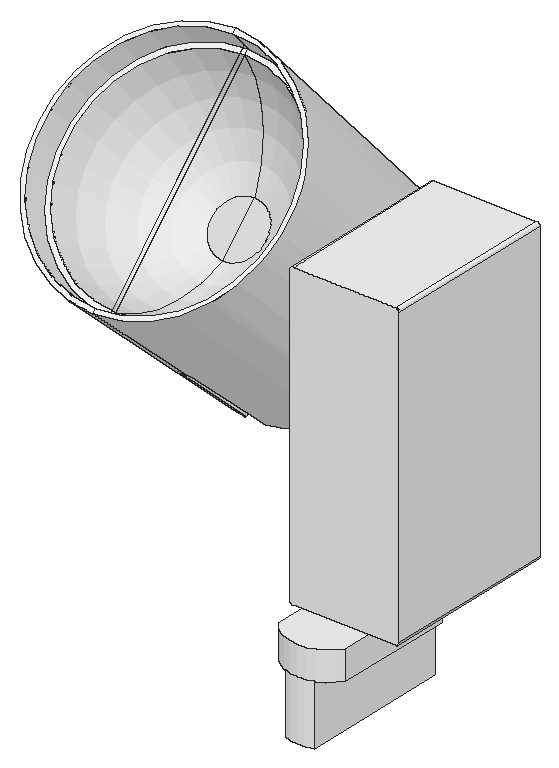
Revit family "0004879 Feilo Sylvania Lighting Fixture START TRACK SPOT L 35W 4K RA90 WB WHITE", category Lighting Fixtures, host Face, Revit 2017 (continued)
Definition of nested family "Start Track Spot Head"
  Types (96, lengths in mm): name | Wattage | built-in parameter 1150134 | Photometric Web File | Model | built-in parameter 1150105 | Lumens | built-in parameter 1150107 | built-in parameter 1150106 | HeadThickness_FEILO | HeadRibOffset_FEILO | HeadRibDepth_FEILO | HeadRibCutWidth_FEILO | HeadRibCutOffset_FEILO | HeadReflectorRadius_FEILO | HeadReflectorOffset_FEILO | HeadLEDRadius_FEILO | HeadHeight_FEILO | HeadDiffusorOffset_FEILO | HeadDiaOut_FEILO | HeadDiaIn_FEILO | HeadAxisFromTop_FEILO | Emit from Circle Diameter | built-in parameter 1150104 | Description | Apparent Load
    0004864 START TRACK SPOT S 24W 3K RA90 WB WHITE | 24 W | (empty or 0) | "0004864.ies" | "START TRACK SPOT S 24W 3K RA90 WB WHITE" | 152.79 (stored number, unit not read) | 1920 lm | 3000 (stored number, unit not read) | 1.5279 (stored number, unit not read) | 1.5 | 4.179 | 55.714 | 7.167 | 50.87 | 50.588 | 55.714 | 9.556 | 117 | 9.435 | 86 | 77.477 | 69.354 | 77.477 | 7.4322 (stored number, unit not read) | "Integrated LED spotlight, Textured White - RAL9016, compact and minimalist design, ideal for retail applications, die-cast aluminium body, passive cooling heatsink. Beam angle: 64°, color temperature: 3000K , total system power: 24W, total fixture output: 1928 lm, LOR: 100%, colour rendering: Ra: 90 typical, LED Chromaticity: 3 step MacAdam ellipse, lifetime: >50000 hours at L70B50, energy class: A++, A+, A, IR/UV free light source without heat radiation, operating voltage: 220-240V / 50-60Hz, drive current: 600mA, electronic driver, non-dimmable, power factor: 0.95, electrical protection: Class II, Global Track 3 Phase adapter suitable for Global trac 3-circuit tracks, ingress protection rating: IP20, suitable for internal environment only, horizontal rotation: 355°, vertical tilt: 90°, dimensions: Ø86x140x200, weight: 0.966kg." | 24 VA
    0004863 START TRACK SPOT S 24W 3K RA90 MB WHITE | 24 W | (empty or 0) | "0004863.ies" | "START TRACK SPOT S 24W 3K RA90 MB WHITE" | 154.7 (stored number, unit not read) | 1944 lm | 3000 (stored number, unit not read) | 1.547 (stored number, unit not read) | 1.5 | 4.179 | 55.714 | 7.167 | 50.87 | 50.588 | 55.714 | 9.556 | 117 | 9.435 | 86 | 77.477 | 69.354 | 77.477 | 7.5251 (stored number, unit not read) | "Integrated LED spotlight, Textured White - RAL9016, compact and minimalist design, ideal for retail applications, die-cast aluminium body, passive cooling heatsink. Beam angle: 36°, color temperature: 3000K , total system power: 24W, total fixture output: 1944 lm, LOR: 100%, colour rendering: Ra: 90 typical, LED Chromaticity: 3 step MacAdam ellipse, lifetime: >50000 hours at L70B50, energy class: A++, A+, A, IR/UV free light source without heat radiation, operating voltage: 220-240V / 50-60Hz, drive current: 600mA, electronic driver, non-dimmable, power factor: 0.95, electrical protection: Class II, Global Track 3 Phase adapter suitable for Global trac 3-circuit tracks, ingress protection rating: IP20, suitable for internal environment only, horizontal rotation: 355°, vertical tilt: 90°, dimensions: Ø86x140x200, weight: 0.966kg." | 24 VA
    0004862 START TRACK SPOT S 24W 3K RA90 NB WHITE | 24 W | (empty or 0) | "0004862.ies" | "START TRACK SPOT S 24W 3K RA90 NB WHITE" | 158.52 (stored number, unit not read) | 1992 lm | 3000 (stored number, unit not read) | 1.5852 (stored number, unit not read) | 1.5 | 4.179 | 55.714 | 7.167 | 50.87 | 50.588 | 55.714 | 9.556 | 117 | 9.435 | 86 | 77.477 | 69.354 | 77.477 | 7.711 (stored number, unit not read) | "Integrated LED spotlight, Textured White - RAL9016, compact and minimalist design, ideal for retail applications, die-cast aluminium body, passive cooling heatsink. Beam angle: 12°, color temperature: 3000K , total system power: 24W, total fixture output: 1987 lm, LOR: 100%, colour rendering: Ra: 90 typical, LED Chromaticity: 3 step MacAdam ellipse, lifetime: >50000 hours at L70B50, energy class: A++, A+, A, IR/UV free light source without heat radiation, operating voltage: 220-240V / 50-60Hz, drive current: 600mA, electronic driver, non-dimmable, power factor: 0.95, electrical protection: Class II, Global Track 3 Phase adapter suitable for Global trac 3-circuit tracks, ingress protection rating: IP20, suitable for internal environment only, horizontal rotation: 355°, vertical tilt: 90°, dimensions: Ø86x140x200, weight: 0.966kg." | 24 VA
    0004861 START TRACK SPOT S 14W 3K RA90 WB WHITE | 14 W | (empty or 0) | "0004861.ies" | "START TRACK SPOT S 14W 3K RA90 WB WHITE" | 100.27 (stored number, unit not read) | 1260 lm | 3000 (stored number, unit not read) | 1.0027 (stored number, unit not read) | 1.5 | 4.179 | 55.714 | 7.167 | 50.87 | 50.588 | 55.714 | 9.556 | 117 | 9.435 | 86 | 77.477 | 69.354 | 77.477 | 8.3613 (stored number, unit not read) | "Integrated LED spotlight, Textured White - RAL9016, compact and minimalist design, ideal for retail applications, die-cast aluminium body, passive cooling heatsink. Beam angle: 64°, color temperature: 3000K , total system power: 14W, total fixture output: 1262 lm, LOR: 100%, colour rendering: Ra: 90 typical, LED Chromaticity: 3 step MacAdam ellipse, lifetime: >50000 hours at L70B50, energy class: A++, A+, A, IR/UV free light source without heat radiation, operating voltage: 220-240V / 50-60Hz, drive current: 350mA, electronic driver, non-dimmable, power factor: 0.92, electrical protection: Class II, Global Track 3 Phase adapter suitable for Global trac 3-circuit tracks, ingress protection rating: IP20, suitable for internal environment only, horizontal rotation: 355°, vertical tilt: 90°, dimensions: Ø86x140x200, weight: 0.940kg." | 14 VA
    0004860 START TRACK SPOT S 14W 3K RA90 MB WHITE | 14 W | (empty or 0) | "0004860.ies" | "START TRACK SPOT S 14W 3K RA90 MB WHITE" | 100.27 (stored number, unit not read) | 1260 lm | 3000 (stored number, unit not read) | 1.0027 (stored number, unit not read) | 1.5 | 4.179 | 55.714 | 7.167 | 50.87 | 50.588 | 55.714 | 9.556 | 117 | 9.435 | 86 | 77.477 | 69.354 | 77.477 | 8.3613 (stored number, unit not read) | "Integrated LED spotlight, Textured White - RAL9016, compact and minimalist design, ideal for retail applications, die-cast aluminium body, passive cooling heatsink. Beam angle: 36°, color temperature: 3000K , total system power: 14W, total fixture output: 1262 lm, LOR: 100%, colour rendering: Ra: 90 typical, LED Chromaticity: 3 step MacAdam ellipse, lifetime: >50000 hours at L70B50, energy class: A++, A+, A, IR/UV free light source without heat radiation, operating voltage: 220-240V / 50-60Hz, drive current: 350mA, electronic driver, non-dimmable, power factor: 0.92, electrical protection: Class II, Global Track 3 Phase adapter suitable for Global trac 3-circuit tracks, ingress protection rating: IP20, suitable for internal environment only, horizontal rotation: 355°, vertical tilt: 90°, dimensions: Ø86x140x200, weight: 0.940kg." | 14 VA
    0004859 START TRACK SPOT S 14W 3K RA90 NB WHITE | 14 W | (empty or 0) | "0004859.ies" | "START TRACK SPOT S 14W 3K RA90 NB WHITE" | 102.5 (stored number, unit not read) | 1288 lm | 3000 (stored number, unit not read) | 1.025 (stored number, unit not read) | 1.5 | 4.179 | 55.714 | 7.167 | 50.87 | 50.588 | 55.714 | 9.556 | 117 | 9.435 | 86 | 77.477 | 69.354 | 77.477 | 8.5471 (stored number, unit not read) | "Integrated LED spotlight, Textured White - RAL9016, compact and minimalist design, ideal for retail applications, die-cast aluminium body, passive cooling heatsink. Beam angle: 12°, color temperature: 3000K , total system power: 14W, total fixture output: 1284 lm, LOR: 100%, colour rendering: Ra: 90 typical, LED Chromaticity: 3 step MacAdam ellipse, lifetime: >50000 hours at L70B50, energy class: A++, A+, A, IR/UV free light source without heat radiation, operating voltage: 220-240V / 50-60Hz, drive current: 350mA, electronic driver, non-dimmable, power factor: 0.92, electrical protection: Class II, Global Track 3 Phase adapter suitable for Global trac 3-circuit tracks, ingress protection rating: IP20, suitable for internal environment only, horizontal rotation: 355°, vertical tilt: 90°, dimensions: Ø86x140x200, weight: 0.940kg." | 14 VA
    0004858 START TRACK SPOT L 55W 4K RA80 WB BLACK | 55 W | 12 | "0004858.ies" | "START TRACK SPOT L 55W 4K RA80 WB BLACK" | 424.55 (stored number, unit not read) | 5335 lm | 4000 (stored number, unit not read) | 4.2455 (stored number, unit not read) | 2 | 4.429 | 59.048 | 9.417 | 53.913 | 66.471 | 59.048 | 12.556 | 124 | 10 | 113 | 101.802 | 73.503 | 101.802 | 9.0116 (stored number, unit not read) | "Integrated LED spotlight, Textured Black - RAL9005, compact and minimalist design, ideal for retail applications, die-cast aluminium body, passive cooling heatsink. Beam angle: 52°, color temperature: 4000K , total system power: 55W, total fixture output: 5320 lm, LOR: 100%, colour rendering: Ra: 80 typical, LED Chromaticity: 3 step MacAdam ellipse, lifetime: >50000 hours at L70B50, energy class: A++, A+, A, IR/UV free light source without heat radiation, operating voltage: 220-240V / 50-60Hz, drive current: 1400mA, electronic driver, non-dimmable, power factor: 0.96, electrical protection: Class II, Global Track 3 Phase adapter suitable for Global trac 3-circuit tracks, ingress protection rating: IP20, suitable for internal environment only, horizontal rotation: 355°, vertical tilt: 90°, dimensions: Ø113x164x240, weight: 1.398kg." | 55 VA
    0004857 START TRACK SPOT L 55W 4K RA80 MB BLACK | 55 W | 12 | "0004857.ies" | "START TRACK SPOT L 55W 4K RA80 MB BLACK" | 428.92 (stored number, unit not read) | 5390 lm | 4000 (stored number, unit not read) | 4.2892 (stored number, unit not read) | 2 | 4.429 | 59.048 | 9.417 | 53.913 | 66.471 | 59.048 | 12.556 | 124 | 10 | 113 | 101.802 | 73.503 | 101.802 | 9.1045 (stored number, unit not read) | "Integrated LED spotlight, Textured Black - RAL9005, compact and minimalist design, ideal for retail applications, die-cast aluminium body, passive cooling heatsink. Beam angle: 38°, color temperature: 4000K , total system power: 55W, total fixture output: 5378 lm, LOR: 100%, colour rendering: Ra: 80 typical, LED Chromaticity: 3 step MacAdam ellipse, lifetime: >50000 hours at L70B50, energy class: A++, A+, A, IR/UV free light source without heat radiation, operating voltage: 220-240V / 50-60Hz, drive current: 1400mA, electronic driver, non-dimmable, power factor: 0.96, electrical protection: Class II, Global Track 3 Phase adapter suitable for Global trac 3-circuit tracks, ingress protection rating: IP20, suitable for internal environment only, horizontal rotation: 355°, vertical tilt: 90°, dimensions: Ø113x164x240, weight: 1.398kg." | 55 VA
    0004856 START TRACK SPOT L 55W 4K RA80 NB BLACK | 55 W | 12 | "0004856.ies" | "START TRACK SPOT L 55W 4K RA80 NB BLACK" | 433.3 (stored number, unit not read) | 5445 lm | 4000 (stored number, unit not read) | 4.333 (stored number, unit not read) | 2 | 4.429 | 59.048 | 9.417 | 53.913 | 66.471 | 59.048 | 12.556 | 124 | 10 | 113 | 101.802 | 73.503 | 101.802 | 9.1974 (stored number, unit not read) | "Integrated LED spotlight, Textured Black - RAL9005, compact and minimalist design, ideal for retail applications, die-cast aluminium body, passive cooling heatsink. Beam angle: 15°, color temperature: 4000K , total system power: 55W, total fixture output: 5426 lm, LOR: 100%, colour rendering: Ra: 80 typical, LED Chromaticity: 3 step MacAdam ellipse, lifetime: >50000 hours at L70B50, energy class: A++, A+, A, IR/UV free light source without heat radiation, operating voltage: 220-240V / 50-60Hz, drive current: 1400mA, electronic driver, non-dimmable, power factor: 0.96, electrical protection: Class II, Global Track 3 Phase adapter suitable for Global trac 3-circuit tracks, ingress protection rating: IP20, suitable for internal environment only, horizontal rotation: 355°, vertical tilt: 90°, dimensions: Ø113x164x240, weight: 1.398kg." | 55 VA
    0004855 START TRACK SPOT L 35W 4K RA80 WB BLACK | 35 W | 12 | "0004855.ies" | "START TRACK SPOT L 35W 4K RA80 WB BLACK" | 320.3 (stored number, unit not read) | 4025 lm | 4000 (stored number, unit not read) | 3.203 (stored number, unit not read) | 2 | 4.429 | 59.048 | 9.417 | 53.913 | 66.471 | 59.048 | 12.556 | 124 | 10 | 113 | 101.802 | 73.503 | 101.802 | 10.684 (stored number, unit not read) | "Integrated LED spotlight, Textured Black - RAL9005, compact and minimalist design, ideal for retail applications, die-cast aluminium body, passive cooling heatsink. Beam angle: 52°, color temperature: 4000K , total system power: 35W, total fixture output: 4010 lm, LOR: 100%, colour rendering: Ra: 80 typical, LED Chromaticity: 3 step MacAdam ellipse, lifetime: >50000 hours at L70B50, energy class: A++, A+, A, IR/UV free light source without heat radiation, operating voltage: 220-240V / 50-60Hz, drive current: 900mA, electronic driver, non-dimmable, power factor: 0.93, electrical protection: Class II, Global Track 3 Phase adapter suitable for Global trac 3-circuit tracks, ingress protection rating: IP20, suitable for internal environment only, horizontal rotation: 355°, vertical tilt: 90°, dimensions: Ø113x164x240, weight: 1.368kg." | 35 VA
    0004854 START TRACK SPOT L 35W 4K RA80 MB BLACK | 35 W | 12 | "0004854.ies" | "START TRACK SPOT L 35W 4K RA80 MB BLACK" | 320.3 (stored number, unit not read) | 4025 lm | 4000 (stored number, unit not read) | 3.203 (stored number, unit not read) | 2 | 4.429 | 59.048 | 9.417 | 53.913 | 66.471 | 59.048 | 12.556 | 124 | 10 | 113 | 101.802 | 73.503 | 101.802 | 10.684 (stored number, unit not read) | "Integrated LED spotlight, Textured Black - RAL9005, compact and minimalist design, ideal for retail applications, die-cast aluminium body, passive cooling heatsink. Beam angle: 38°, color temperature: 4000K , total system power: 35W, total fixture output: 4017 lm, LOR: 100%, colour rendering: Ra: 80 typical, LED Chromaticity: 3 step MacAdam ellipse, lifetime: >50000 hours at L70B50, energy class: A++, A+, A, IR/UV free light source without heat radiation, operating voltage: 220-240V / 50-60Hz, drive current: 900mA, electronic driver, non-dimmable, power factor: 0.93, electrical protection: Class II, Global Track 3 Phase adapter suitable for Global trac 3-circuit tracks, ingress protection rating: IP20, suitable for internal environment only, horizontal rotation: 355°, vertical tilt: 90°, dimensions: Ø113x164x240, weight: 1.368kg." | 35 VA
    0004853 START TRACK SPOT L 35W 4K RA80 NB BLACK | 35 W | 12 | "0004853.ies" | "START TRACK SPOT L 35W 4K RA80 NB BLACK" | 331.44 (stored number, unit not read) | 4165 lm | 4000 (stored number, unit not read) | 3.3144 (stored number, unit not read) | 2 | 4.429 | 59.048 | 9.417 | 53.913 | 66.471 | 59.048 | 12.556 | 124 | 10 | 113 | 101.802 | 73.503 | 101.802 | 11.055 (stored number, unit not read) | "Integrated LED spotlight, Textured Black - RAL9005, compact and minimalist design, ideal for retail applications, die-cast aluminium body, passive cooling heatsink. Beam angle: 15°, color temperature: 4000K , total system power: 35W, total fixture output: 4174 lm, LOR: 100%, colour rendering: Ra: 80 typical, LED Chromaticity: 3 step MacAdam ellipse, lifetime: >50000 hours at L70B50, energy class: A++, A+, A, IR/UV free light source without heat radiation, operating voltage: 220-240V / 50-60Hz, drive current: 900mA, electronic driver, non-dimmable, power factor: 0.93, electrical protection: Class II, Global Track 3 Phase adapter suitable for Global trac 3-circuit tracks, ingress protection rating: IP20, suitable for internal environment only, horizontal rotation: 355°, vertical tilt: 90°, dimensions: Ø113x164x240, weight: 1.368kg." | 35 VA
    0004852 START TRACK SPOT S 24W 4K RA80 WB BLACK | 24 W | 12 | "0004852.ies" | "START TRACK SPOT S 24W 4K RA80 WB BLACK" | 196.72 (stored number, unit not read) | 2472 lm | 4000 (stored number, unit not read) | 1.9672 (stored number, unit not read) | 1.5 | 4.179 | 55.714 | 7.167 | 50.87 | 50.588 | 55.714 | 9.556 | 117 | 9.435 | 86 | 77.477 | 69.354 | 77.477 | 9.569 (stored number, unit not read) | "Integrated LED spotlight, Textured Black - RAL9005, compact and minimalist design, ideal for retail applications, die-cast aluminium body, passive cooling heatsink. Beam angle: 64°, color temperature: 4000K , total system power: 24W, total fixture output: 2476 lm, LOR: 100%, colour rendering: Ra: 80 typical, LED Chromaticity: 3 step MacAdam ellipse, lifetime: >50000 hours at L70B50, energy class: A++, A+, A, IR/UV free light source without heat radiation, operating voltage: 220-240V / 50-60Hz, drive current: 600mA, electronic driver, non-dimmable, power factor: 0.95, electrical protection: Class II, Global Track 3 Phase adapter suitable for Global trac 3-circuit tracks, ingress protection rating: IP20, suitable for internal environment only, horizontal rotation: 355°, vertical tilt: 90°, dimensions: Ø86x140x200, weight: 0.966kg." | 24 VA
    0004851 START TRACK SPOT S 24W 4K RA80 MB BLACK | 24 W | 12 | "0004851.ies" | "START TRACK SPOT S 24W 4K RA80 MB BLACK" | 198.63 (stored number, unit not read) | 2496 lm | 4000 (stored number, unit not read) | 1.9863 (stored number, unit not read) | 1.5 | 4.179 | 55.714 | 7.167 | 50.87 | 50.588 | 55.714 | 9.556 | 117 | 9.435 | 86 | 77.477 | 69.354 | 77.477 | 9.6619 (stored number, unit not read) | "Integrated LED spotlight, Textured Black - RAL9005, compact and minimalist design, ideal for retail applications, die-cast aluminium body, passive cooling heatsink. Beam angle: 36°, color temperature: 4000K , total system power: 24W, total fixture output: 2487 lm, LOR: 100%, colour rendering: Ra: 80 typical, LED Chromaticity: 3 step MacAdam ellipse, lifetime: >50000 hours at L70B50, energy class: A++, A+, A, IR/UV free light source without heat radiation, operating voltage: 220-240V / 50-60Hz, drive current: 600mA, electronic driver, non-dimmable, power factor: 0.95, electrical protection: Class II, Global Track 3 Phase adapter suitable for Global trac 3-circuit tracks, ingress protection rating: IP20, suitable for internal environment only, horizontal rotation: 355°, vertical tilt: 90°, dimensions: Ø86x140x200, weight: 0.966kg." | 24 VA
    0004850 START TRACK SPOT S 24W 4K RA80 NB BLACK | 24 W | 12 | "0004850.ies" | "START TRACK SPOT S 24W 4K RA80 NB BLACK" | 200.54 (stored number, unit not read) | 2520 lm | 4000 (stored number, unit not read) | 2.0054 (stored number, unit not read) | 1.5 | 4.179 | 55.714 | 7.167 | 50.87 | 50.588 | 55.714 | 9.556 | 117 | 9.435 | 86 | 77.477 | 69.354 | 77.477 | 9.7548 (stored number, unit not read) | "Integrated LED spotlight, Textured Black - RAL9005, compact and minimalist design, ideal for retail applications, die-cast aluminium body, passive cooling heatsink. Beam angle: 12°, color temperature: 4000K , total system power: 24W, total fixture output: 2529 lm, LOR: 100%, colour rendering: Ra: 80 typical, LED Chromaticity: 3 step MacAdam ellipse, lifetime: >50000 hours at L70B50, energy class: A++, A+, A, IR/UV free light source without heat radiation, operating voltage: 220-240V / 50-60Hz, drive current: 600mA, electronic driver, non-dimmable, power factor: 0.95, electrical protection: Class II, Global Track 3 Phase adapter suitable for Global trac 3-circuit tracks, ingress protection rating: IP20, suitable for internal environment only, horizontal rotation: 355°, vertical tilt: 90°, dimensions: Ø86x140x200, weight: 0.966kg." | 24 VA
    0004849 START TRACK SPOT S 14W 4K RA80 WB BLACK | 14 W | 12 | "0004849.ies" | "START TRACK SPOT S 14W 4K RA80 WB BLACK" | 123.66 (stored number, unit not read) | 1554 lm | 4000 (stored number, unit not read) | 1.2366 (stored number, unit not read) | 1.5 | 4.179 | 55.714 | 7.167 | 50.87 | 50.588 | 55.714 | 9.556 | 117 | 9.435 | 86 | 77.477 | 69.354 | 77.477 | 10.312 (stored number, unit not read) | "Integrated LED spotlight, Textured Black - RAL9005, compact and minimalist design, ideal for retail applications, die-cast aluminium body, passive cooling heatsink. Beam angle: 64°, color temperature: 4000K , total system power: 14W, total fixture output: 1558 lm, LOR: 100%, colour rendering: Ra: 80 typical, LED Chromaticity: 3 step MacAdam ellipse, lifetime: >50000 hours at L70B50, energy class: A++, A+, A, IR/UV free light source without heat radiation, operating voltage: 220-240V / 50-60Hz, drive current: 350mA, electronic driver, non-dimmable, power factor: 0.92, electrical protection: Class II, Global Track 3 Phase adapter suitable for Global trac 3-circuit tracks, ingress protection rating: IP20, suitable for internal environment only, horizontal rotation: 355°, vertical tilt: 90°, dimensions: Ø86x140x200, weight: 0.940kg." | 14 VA
    0004848 START TRACK SPOT S 14W 4K RA80 MB BLACK | 14 W | 12 | "0004848.ies" | "START TRACK SPOT S 14W 4K RA80 MB BLACK" | 127.01 (stored number, unit not read) | 1596 lm | 4000 (stored number, unit not read) | 1.2701 (stored number, unit not read) | 1.5 | 4.179 | 55.714 | 7.167 | 50.87 | 50.588 | 55.714 | 9.556 | 117 | 9.435 | 86 | 77.477 | 69.354 | 77.477 | 10.591 (stored number, unit not read) | "Integrated LED spotlight, Textured Black - RAL9005, compact and minimalist design, ideal for retail applications, die-cast aluminium body, passive cooling heatsink. Beam angle: 36°, color temperature: 4000K , total system power: 14W, total fixture output: 1598 lm, LOR: 100%, colour rendering: Ra: 80 typical, LED Chromaticity: 3 step MacAdam ellipse, lifetime: >50000 hours at L70B50, energy class: A++, A+, A, IR/UV free light source without heat radiation, operating voltage: 220-240V / 50-60Hz, drive current: 350mA, electronic driver, non-dimmable, power factor: 0.92, electrical protection: Class II, Global Track 3 Phase adapter suitable for Global trac 3-circuit tracks, ingress protection rating: IP20, suitable for internal environment only, horizontal rotation: 355°, vertical tilt: 90°, dimensions: Ø86x140x200, weight: 0.940kg." | 14 VA
    0004847 START TRACK SPOT S 14W 4K RA80 NB BLACK | 14 W | 12 | "0004847.ies" | "START TRACK SPOT S 14W 4K RA80 NB BLACK" | 128.12 (stored number, unit not read) | 1610 lm | 4000 (stored number, unit not read) | 1.2812 (stored number, unit not read) | 1.5 | 4.179 | 55.714 | 7.167 | 50.87 | 50.588 | 55.714 | 9.556 | 117 | 9.435 | 86 | 77.477 | 69.354 | 77.477 | 10.684 (stored number, unit not read) | "Integrated LED spotlight, Textured Black - RAL9005, compact and minimalist design, ideal for retail applications, die-cast aluminium body, passive cooling heatsink. Beam angle: 12°, color temperature: 4000K , total system power: 14W, total fixture output: 1608 lm, LOR: 100%, colour rendering: Ra: 80 typical, LED Chromaticity: 3 step MacAdam ellipse, lifetime: >50000 hours at L70B50, energy class: A++, A+, A, IR/UV free light source without heat radiation, operating voltage: 220-240V / 50-60Hz, drive current: 350mA, electronic driver, non-dimmable, power factor: 0.92, electrical protection: Class II, Global Track 3 Phase adapter suitable for Global trac 3-circuit tracks, ingress protection rating: IP20, suitable for internal environment only, horizontal rotation: 355°, vertical tilt: 90°, dimensions: Ø86x140x200, weight: 0.940kg." | 14 VA
    0004846 START TRACK SPOT L 55W 3K RA80 WB BLACK | 55 W | (empty or 0) | "0004846.ies" | "START TRACK SPOT L 55W 3K RA80 WB BLACK" | 420.17 (stored number, unit not read) | 5280 lm | 3000 (stored number, unit not read) | 4.2017 (stored number, unit not read) | 2 | 4.429 | 59.048 | 9.417 | 53.913 | 66.471 | 59.048 | 12.556 | 124 | 10 | 113 | 101.802 | 73.503 | 101.802 | 8.9187 (stored number, unit not read) | "Integrated LED spotlight, Textured Black - RAL9005, compact and minimalist design, ideal for retail applications, die-cast aluminium body, passive cooling heatsink. Beam angle: 52°, color temperature: 3000K , total system power: 55W, total fixture output: 5298 lm, LOR: 100%, colour rendering: Ra: 80 typical, LED Chromaticity: 3 step MacAdam ellipse, lifetime: >50000 hours at L70B50, energy class: A++, A+, A, IR/UV free light source without heat radiation, operating voltage: 220-240V / 50-60Hz, drive current: 1400mA, electronic driver, non-dimmable, power factor: 0.96, electrical protection: Class II, Global Track 3 Phase adapter suitable for Global trac 3-circuit tracks, ingress protection rating: IP20, suitable for internal environment only, horizontal rotation: 355°, vertical tilt: 90°, dimensions: Ø113x164x240, weight: 1.398kg." | 55 VA
    0004845 START TRACK SPOT L 55W 3K RA80 MB BLACK | 55 W | (empty or 0) | "0004845.ies" | "START TRACK SPOT L 55W 3K RA80 MB BLACK" | 428.92 (stored number, unit not read) | 5390 lm | 3000 (stored number, unit not read) | 4.2892 (stored number, unit not read) | 2 | 4.429 | 59.048 | 9.417 | 53.913 | 66.471 | 59.048 | 12.556 | 124 | 10 | 113 | 101.802 | 73.503 | 101.802 | 9.1045 (stored number, unit not read) | "Integrated LED spotlight, Textured Black - RAL9005, compact and minimalist design, ideal for retail applications, die-cast aluminium body, passive cooling heatsink. Beam angle: 38°, color temperature: 3000K , total system power: 55W, total fixture output: 5381 lm, LOR: 100%, colour rendering: Ra: 80 typical, LED Chromaticity: 3 step MacAdam ellipse, lifetime: >50000 hours at L70B50, energy class: A++, A+, A, IR/UV free light source without heat radiation, operating voltage: 220-240V / 50-60Hz, drive current: 1400mA, electronic driver, non-dimmable, power factor: 0.96, electrical protection: Class II, Global Track 3 Phase adapter suitable for Global trac 3-circuit tracks, ingress protection rating: IP20, suitable for internal environment only, horizontal rotation: 355°, vertical tilt: 90°, dimensions: Ø113x164x240, weight: 1.398kg." | 55 VA
    0004844 START TRACK SPOT L 55W 3K RA80 NB BLACK | 55 W | (empty or 0) | "0004844.ies" | "START TRACK SPOT L 55W 3K RA80 NB BLACK" | 433.3 (stored number, unit not read) | 5445 lm | 3000 (stored number, unit not read) | 4.333 (stored number, unit not read) | 2 | 4.429 | 59.048 | 9.417 | 53.913 | 66.471 | 59.048 | 12.556 | 124 | 10 | 113 | 101.802 | 73.503 | 101.802 | 9.1974 (stored number, unit not read) | "Integrated LED spotlight, Textured Black - RAL9005, compact and minimalist design, ideal for retail applications, die-cast aluminium body, passive cooling heatsink. Beam angle: 15°, color temperature: 3000K , total system power: 55W, total fixture output: 5449 lm, LOR: 100%, colour rendering: Ra: 80 typical, LED Chromaticity: 3 step MacAdam ellipse, lifetime: >50000 hours at L70B50, energy class: A++, A+, A, IR/UV free light source without heat radiation, operating voltage: 220-240V / 50-60Hz, drive current: 1400mA, electronic driver, non-dimmable, power factor: 0.96, electrical protection: Class II, Global Track 3 Phase adapter suitable for Global trac 3-circuit tracks, ingress protection rating: IP20, suitable for internal environment only, horizontal rotation: 355°, vertical tilt: 90°, dimensions: Ø113x164x240, weight: 1.398kg." | 55 VA
    0004843 START TRACK SPOT L 35W 3K RA80 WB BLACK | 35 W | (empty or 0) | "0004843.ies" | "START TRACK SPOT L 35W 3K RA80 WB BLACK" | 314.73 (stored number, unit not read) | 3955 lm | 3000 (stored number, unit not read) | 3.1473 (stored number, unit not read) | 2 | 4.429 | 59.048 | 9.417 | 53.913 | 66.471 | 59.048 | 12.556 | 124 | 10 | 113 | 101.802 | 73.503 | 101.802 | 10.498 (stored number, unit not read) | "Integrated LED spotlight, Textured Black - RAL9005, compact and minimalist design, ideal for retail applications, die-cast aluminium body, passive cooling heatsink. Beam angle: 52°, color temperature: 3000K , total system power: 35W, total fixture output: 3943 lm, LOR: 100%, colour rendering: Ra: 80 typical, LED Chromaticity: 3 step MacAdam ellipse, lifetime: >50000 hours at L70B50, energy class: A++, A+, A, IR/UV free light source without heat radiation, operating voltage: 220-240V / 50-60Hz, drive current: 900mA, electronic driver, non-dimmable, power factor: 0.93, electrical protection: Class II, Global Track 3 Phase adapter suitable for Global trac 3-circuit tracks, ingress protection rating: IP20, suitable for internal environment only, horizontal rotation: 355°, vertical tilt: 90°, dimensions: Ø113x164x240, weight: 1.368kg." | 35 VA
    0004842 START TRACK SPOT L 35W 3K RA80 MB BLACK | 35 W | (empty or 0) | "0004842.ies" | "START TRACK SPOT L 35W 3K RA80 MB BLACK" | 320.3 (stored number, unit not read) | 4025 lm | 3000 (stored number, unit not read) | 3.203 (stored number, unit not read) | 2 | 4.429 | 59.048 | 9.417 | 53.913 | 66.471 | 59.048 | 12.556 | 124 | 10 | 113 | 101.802 | 73.503 | 101.802 | 10.684 (stored number, unit not read) | "Integrated LED spotlight, Textured Black - RAL9005, compact and minimalist design, ideal for retail applications, die-cast aluminium body, passive cooling heatsink. Beam angle: 38°, color temperature: 3000K , total system power: 35W, total fixture output: 4008 lm, LOR: 100%, colour rendering: Ra: 80 typical, LED Chromaticity: 3 step MacAdam ellipse, lifetime: >50000 hours at L70B50, energy class: A++, A+, A, IR/UV free light source without heat radiation, operating voltage: 220-240V / 50-60Hz, drive current: 900mA, electronic driver, non-dimmable, power factor: 0.93, electrical protection: Class II, Global Track 3 Phase adapter suitable for Global trac 3-circuit tracks, ingress protection rating: IP20, suitable for internal environment only, horizontal rotation: 355°, vertical tilt: 90°, dimensions: Ø113x164x240, weight: 1.368kg." | 35 VA
    0004841 START TRACK SPOT L 35W 3K RA80 NB BLACK | 35 W | (empty or 0) | "0004841.ies" | "START TRACK SPOT L 35W 3K RA80 NB BLACK" | 317.51 (stored number, unit not read) | 3990 lm | 3000 (stored number, unit not read) | 3.1751 (stored number, unit not read) | 2 | 4.429 | 59.048 | 9.417 | 53.913 | 66.471 | 59.048 | 12.556 | 124 | 10 | 113 | 101.802 | 73.503 | 101.802 | 10.591 (stored number, unit not read) | "Integrated LED spotlight, Textured Black - RAL9005, compact and minimalist design, ideal for retail applications, die-cast aluminium body, passive cooling heatsink. Beam angle: 15°, color temperature: 3000K , total system power: 35W, total fixture output: 4005 lm, LOR: 100%, colour rendering: Ra: 80 typical, LED Chromaticity: 3 step MacAdam ellipse, lifetime: >50000 hours at L70B50, energy class: A++, A+, A, IR/UV free light source without heat radiation, operating voltage: 220-240V / 50-60Hz, drive current: 900mA, electronic driver, non-dimmable, power factor: 0.93, electrical protection: Class II, Global Track 3 Phase adapter suitable for Global trac 3-circuit tracks, ingress protection rating: IP20, suitable for internal environment only, horizontal rotation: 355°, vertical tilt: 90°, dimensions: Ø113x164x240, weight: 1.368kg." | 35 VA
    0004840 START TRACK SPOT S 24W 3K RA80 WB BLACK | 24 W | (empty or 0) | "0004840.ies" | "START TRACK SPOT S 24W 3K RA80 WB BLACK" | 185.26 (stored number, unit not read) | 2328 lm | 3000 (stored number, unit not read) | 1.8526 (stored number, unit not read) | 1.5 | 4.179 | 55.714 | 7.167 | 50.87 | 50.588 | 55.714 | 9.556 | 117 | 9.435 | 86 | 77.477 | 69.354 | 77.477 | 9.0116 (stored number, unit not read) | "Integrated LED spotlight, Textured Black - RAL9005, compact and minimalist design, ideal for retail applications, die-cast aluminium body, passive cooling heatsink. Beam angle: 64°, color temperature: 3000K , total system power: 24W, total fixture output: 2318 lm, LOR: 100%, colour rendering: Ra: 80 typical, LED Chromaticity: 3 step MacAdam ellipse, lifetime: >50000 hours at L70B50, energy class: A++, A+, A, IR/UV free light source without heat radiation, operating voltage: 220-240V / 50-60Hz, drive current: 600mA, electronic driver, non-dimmable, power factor: 0.95, electrical protection: Class II, Global Track 3 Phase adapter suitable for Global trac 3-circuit tracks, ingress protection rating: IP20, suitable for internal environment only, horizontal rotation: 355°, vertical tilt: 90°, dimensions: Ø86x140x200, weight: 0.966kg." | 24 VA
    0004839 START TRACK SPOT S 24W 3K RA80 MB BLACK | 24 W | (empty or 0) | "0004839.ies" | "START TRACK SPOT S 24W 3K RA80 MB BLACK" | 183.35 (stored number, unit not read) | 2304 lm | 3000 (stored number, unit not read) | 1.8335 (stored number, unit not read) | 1.5 | 4.179 | 55.714 | 7.167 | 50.87 | 50.588 | 55.714 | 9.556 | 117 | 9.435 | 86 | 77.477 | 69.354 | 77.477 | 8.9187 (stored number, unit not read) | "Integrated LED spotlight, Textured Black - RAL9005, compact and minimalist design, ideal for retail applications, die-cast aluminium body, passive cooling heatsink. Beam angle: 36°, color temperature: 3000K , total system power: 24W, total fixture output: 2314 lm, LOR: 100%, colour rendering: Ra: 80 typical, LED Chromaticity: 3 step MacAdam ellipse, lifetime: >50000 hours at L70B50, energy class: A++, A+, A, IR/UV free light source without heat radiation, operating voltage: 220-240V / 50-60Hz, drive current: 600mA, electronic driver, non-dimmable, power factor: 0.95, electrical protection: Class II, Global Track 3 Phase adapter suitable for Global trac 3-circuit tracks, ingress protection rating: IP20, suitable for internal environment only, horizontal rotation: 355°, vertical tilt: 90°, dimensions: Ø86x140x200, weight: 0.966kg." | 24 VA
    0004838 START TRACK SPOT S 24W 3K RA80 NB BLACK | 24 W | (empty or 0) | "0004838.ies" | "START TRACK SPOT S 24W 3K RA80 NB BLACK" | 185.26 (stored number, unit not read) | 2328 lm | 3000 (stored number, unit not read) | 1.8526 (stored number, unit not read) | 1.5 | 4.179 | 55.714 | 7.167 | 50.87 | 50.588 | 55.714 | 9.556 | 117 | 9.435 | 86 | 77.477 | 69.354 | 77.477 | 9.0116 (stored number, unit not read) | "Integrated LED spotlight, Textured Black - RAL9005, compact and minimalist design, ideal for retail applications, die-cast aluminium body, passive cooling heatsink. Beam angle: 12°, color temperature: 3000K , total system power: 24W, total fixture output: 2334 lm, LOR: 100%, colour rendering: Ra: 80 typical, LED Chromaticity: 3 step MacAdam ellipse, lifetime: >50000 hours at L70B50, energy class: A++, A+, A, IR/UV free light source without heat radiation, operating voltage: 220-240V / 50-60Hz, drive current: 600mA, electronic driver, non-dimmable, power factor: 0.95, electrical protection: Class II, Global Track 3 Phase adapter suitable for Global trac 3-circuit tracks, ingress protection rating: IP20, suitable for internal environment only, horizontal rotation: 355°, vertical tilt: 90°, dimensions: Ø86x140x200, weight: 0.966kg." | 24 VA
    0004837 START TRACK SPOT S 14W 3K RA80 WB BLACK | 14 W | (empty or 0) | "0004837.ies" | "START TRACK SPOT S 14W 3K RA80 WB BLACK" | 119.21 (stored number, unit not read) | 1498 lm | 3000 (stored number, unit not read) | 1.1921 (stored number, unit not read) | 1.5 | 4.179 | 55.714 | 7.167 | 50.87 | 50.588 | 55.714 | 9.556 | 117 | 9.435 | 86 | 77.477 | 69.354 | 77.477 | 9.9406 (stored number, unit not read) | "Integrated LED spotlight, Textured Black - RAL9005, compact and minimalist design, ideal for retail applications, die-cast aluminium body, passive cooling heatsink. Beam angle: 64°, color temperature: 3000K , total system power: 14W, total fixture output: 1498 lm, LOR: 100%, colour rendering: Ra: 80 typical, LED Chromaticity: 3 step MacAdam ellipse, lifetime: >50000 hours at L70B50, energy class: A++, A+, A, IR/UV free light source without heat radiation, operating voltage: 220-240V / 50-60Hz, drive current: 350mA, electronic driver, non-dimmable, power factor: 0.92, electrical protection: Class II, Global Track 3 Phase adapter suitable for Global trac 3-circuit tracks, ingress protection rating: IP20, suitable for internal environment only, horizontal rotation: 355°, vertical tilt: 90°, dimensions: Ø86x140x200, weight: 0.940kg." | 14 VA
    0004836 START TRACK SPOT S 14W 3K RA80 MB BLACK | 14 W | (empty or 0) | "0004836.ies" | "START TRACK SPOT S 14W 3K RA80 MB BLACK" | 120.32 (stored number, unit not read) | 1512 lm | 3000 (stored number, unit not read) | 1.2032 (stored number, unit not read) | 1.5 | 4.179 | 55.714 | 7.167 | 50.87 | 50.588 | 55.714 | 9.556 | 117 | 9.435 | 86 | 77.477 | 69.354 | 77.477 | 10.034 (stored number, unit not read) | "Integrated LED spotlight, Textured Black - RAL9005, compact and minimalist design, ideal for retail applications, die-cast aluminium body, passive cooling heatsink. Beam angle: 36°, color temperature: 3000K , total system power: 14W, total fixture output: 1508 lm, LOR: 100%, colour rendering: Ra: 80 typical, LED Chromaticity: 3 step MacAdam ellipse, lifetime: >50000 hours at L70B50, energy class: A++, A+, A, IR/UV free light source without heat radiation, operating voltage: 220-240V / 50-60Hz, drive current: 350mA, electronic driver, non-dimmable, power factor: 0.92, electrical protection: Class II, Global Track 3 Phase adapter suitable for Global trac 3-circuit tracks, ingress protection rating: IP20, suitable for internal environment only, horizontal rotation: 355°, vertical tilt: 90°, dimensions: Ø86x140x200, weight: 0.940kg." | 14 VA
    0004835 START TRACK SPOT S 14W 3K RA80 NB BLACK | 14 W | (empty or 0) | "0004835.ies" | "START TRACK SPOT S 14W 3K RA80 NB BLACK" | 123.66 (stored number, unit not read) | 1554 lm | 3000 (stored number, unit not read) | 1.2366 (stored number, unit not read) | 1.5 | 4.179 | 55.714 | 7.167 | 50.87 | 50.588 | 55.714 | 9.556 | 117 | 9.435 | 86 | 77.477 | 69.354 | 77.477 | 10.312 (stored number, unit not read) | "Integrated LED spotlight, Textured Black - RAL9005, compact and minimalist design, ideal for retail applications, die-cast aluminium body, passive cooling heatsink. Beam angle: 12°, color temperature: 3000K , total system power: 14W, total fixture output: 1551 lm, LOR: 100%, colour rendering: Ra: 80 typical, LED Chromaticity: 3 step MacAdam ellipse, lifetime: >50000 hours at L70B50, energy class: A++, A+, A, IR/UV free light source without heat radiation, operating voltage: 220-240V / 50-60Hz, drive current: 350mA, electronic driver, non-dimmable, power factor: 0.92, electrical protection: Class II, Global Track 3 Phase adapter suitable for Global trac 3-circuit tracks, ingress protection rating: IP20, suitable for internal environment only, horizontal rotation: 355°, vertical tilt: 90°, dimensions: Ø86x140x200, weight: 0.940kg." | 14 VA
    0004834 START TRACK SPOT L 55W 4K RA80 WB WHITE | 55 W | 12 | "0004834.ies" | "START TRACK SPOT L 55W 4K RA80 WB WHITE" | 424.55 (stored number, unit not read) | 5335 lm | 4000 (stored number, unit not read) | 4.2455 (stored number, unit not read) | 2 | 4.429 | 59.048 | 9.417 | 53.913 | 66.471 | 59.048 | 12.556 | 124 | 10 | 113 | 101.802 | 73.503 | 101.802 | 9.0116 (stored number, unit not read) | "Integrated LED spotlight, Textured White - RAL9016, compact and minimalist design, ideal for retail applications, die-cast aluminium body, passive cooling heatsink. Beam angle: 52°, color temperature: 4000K , total system power: 55W, total fixture output: 5320 lm, LOR: 100%, colour rendering: Ra: 80 typical, LED Chromaticity: 3 step MacAdam ellipse, lifetime: >50000 hours at L70B50, energy class: A++, A+, A, IR/UV free light source without heat radiation, operating voltage: 220-240V / 50-60Hz, drive current: 1400mA, electronic driver, non-dimmable, power factor: 0.96, electrical protection: Class II, Global Track 3 Phase adapter suitable for Global trac 3-circuit tracks, ingress protection rating: IP20, suitable for internal environment only, horizontal rotation: 355°, vertical tilt: 90°, dimensions: Ø113x164x240, weight: 1.398kg." | 55 VA
    0004833 START TRACK SPOT L 55W 4K RA80 MB WHITE | 55 W | 12 | "0004833.ies" | "START TRACK SPOT L 55W 4K RA80 MB WHITE" | 428.92 (stored number, unit not read) | 5390 lm | 4000 (stored number, unit not read) | 4.2892 (stored number, unit not read) | 2 | 4.429 | 59.048 | 9.417 | 53.913 | 66.471 | 59.048 | 12.556 | 124 | 10 | 113 | 101.802 | 73.503 | 101.802 | 9.1045 (stored number, unit not read) | "Integrated LED spotlight, Textured White - RAL9016, compact and minimalist design, ideal for retail applications, die-cast aluminium body, passive cooling heatsink. Beam angle: 38°, color temperature: 4000K , total system power: 55W, total fixture output: 5378 lm, LOR: 100%, colour rendering: Ra: 80 typical, LED Chromaticity: 3 step MacAdam ellipse, lifetime: >50000 hours at L70B50, energy class: A++, A+, A, IR/UV free light source without heat radiation, operating voltage: 220-240V / 50-60Hz, drive current: 1400mA, electronic driver, non-dimmable, power factor: 0.96, electrical protection: Class II, Global Track 3 Phase adapter suitable for Global trac 3-circuit tracks, ingress protection rating: IP20, suitable for internal environment only, horizontal rotation: 355°, vertical tilt: 90°, dimensions: Ø113x164x240, weight: 1.398kg." | 55 VA
    0004832 START TRACK SPOT L 55W 4K RA80 NB WHITE | 55 W | 12 | "0004832.ies" | "START TRACK SPOT L 55W 4K RA80 NB WHITE" | 433.3 (stored number, unit not read) | 5445 lm | 4000 (stored number, unit not read) | 4.333 (stored number, unit not read) | 2 | 4.429 | 59.048 | 9.417 | 53.913 | 66.471 | 59.048 | 12.556 | 124 | 10 | 113 | 101.802 | 73.503 | 101.802 | 9.1974 (stored number, unit not read) | "Integrated LED spotlight, Textured White - RAL9016, compact and minimalist design, ideal for retail applications, die-cast aluminium body, passive cooling heatsink. Beam angle: 15°, color temperature: 4000K , total system power: 55W, total fixture output: 5426 lm, LOR: 100%, colour rendering: Ra: 80 typical, LED Chromaticity: 3 step MacAdam ellipse, lifetime: >50000 hours at L70B50, energy class: A++, A+, A, IR/UV free light source without heat radiation, operating voltage: 220-240V / 50-60Hz, drive current: 1400mA, electronic driver, non-dimmable, power factor: 0.96, electrical protection: Class II, Global Track 3 Phase adapter suitable for Global trac 3-circuit tracks, ingress protection rating: IP20, suitable for internal environment only, horizontal rotation: 355°, vertical tilt: 90°, dimensions: Ø113x164x240, weight: 1.398kg." | 55 VA
    0004831 START TRACK SPOT L 35W 4K RA80 WB WHITE | 35 W | 12 | "0004831.ies" | "START TRACK SPOT L 35W 4K RA80 WB WHITE" | 320.3 (stored number, unit not read) | 4025 lm | 4000 (stored number, unit not read) | 3.203 (stored number, unit not read) | 2 | 4.429 | 59.048 | 9.417 | 53.913 | 66.471 | 59.048 | 12.556 | 124 | 10 | 113 | 101.802 | 73.503 | 101.802 | 10.684 (stored number, unit not read) | "Integrated LED spotlight, Textured White - RAL9016, compact and minimalist design, ideal for retail applications, die-cast aluminium body, passive cooling heatsink. Beam angle: 52°, color temperature: 4000K , total system power: 35W, total fixture output: 4010 lm, LOR: 100%, colour rendering: Ra: 80 typical, LED Chromaticity: 3 step MacAdam ellipse, lifetime: >50000 hours at L70B50, energy class: A++, A+, A, IR/UV free light source without heat radiation, operating voltage: 220-240V / 50-60Hz, drive current: 900mA, electronic driver, non-dimmable, power factor: 0.93, electrical protection: Class II, Global Track 3 Phase adapter suitable for Global trac 3-circuit tracks, ingress protection rating: IP20, suitable for internal environment only, horizontal rotation: 355°, vertical tilt: 90°, dimensions: Ø113x164x240, weight: 1.368kg." | 35 VA
    0004830 START TRACK SPOT L 35W 4K RA80 MB WHITE | 35 W | 12 | "0004830.ies" | "START TRACK SPOT L 35W 4K RA80 MB WHITE" | 320.3 (stored number, unit not read) | 4025 lm | 4000 (stored number, unit not read) | 3.203 (stored number, unit not read) | 2 | 4.429 | 59.048 | 9.417 | 53.913 | 66.471 | 59.048 | 12.556 | 124 | 10 | 113 | 101.802 | 73.503 | 101.802 | 10.684 (stored number, unit not read) | "Integrated LED spotlight, Textured White - RAL9016, compact and minimalist design, ideal for retail applications, die-cast aluminium body, passive cooling heatsink. Beam angle: 38°, color temperature: 4000K , total system power: 35W, total fixture output: 4017 lm, LOR: 100%, colour rendering: Ra: 80 typical, LED Chromaticity: 3 step MacAdam ellipse, lifetime: >50000 hours at L70B50, energy class: A++, A+, A, IR/UV free light source without heat radiation, operating voltage: 220-240V / 50-60Hz, drive current: 900mA, electronic driver, non-dimmable, power factor: 0.93, electrical protection: Class II, Global Track 3 Phase adapter suitable for Global trac 3-circuit tracks, ingress protection rating: IP20, suitable for internal environment only, horizontal rotation: 355°, vertical tilt: 90°, dimensions: Ø113x164x240, weight: 1.368kg." | 35 VA
    0004829 START TRACK SPOT L 35W 4K RA80 NB WHITE | 35 W | 12 | "0004829.ies" | "START TRACK SPOT L 35W 4K RA80 NB WHITE" | 331.44 (stored number, unit not read) | 4165 lm | 4000 (stored number, unit not read) | 3.3144 (stored number, unit not read) | 2 | 4.429 | 59.048 | 9.417 | 53.913 | 66.471 | 59.048 | 12.556 | 124 | 10 | 113 | 101.802 | 73.503 | 101.802 | 11.055 (stored number, unit not read) | "Integrated LED spotlight, Textured White - RAL9016, compact and minimalist design, ideal for retail applications, die-cast aluminium body, passive cooling heatsink. Beam angle: 15°, color temperature: 4000K , total system power: 35W, total fixture output: 4174 lm, LOR: 100%, colour rendering: Ra: 80 typical, LED Chromaticity: 3 step MacAdam ellipse, lifetime: >50000 hours at L70B50, energy class: A++, A+, A, IR/UV free light source without heat radiation, operating voltage: 220-240V / 50-60Hz, drive current: 900mA, electronic driver, non-dimmable, power factor: 0.93, electrical protection: Class II, Global Track 3 Phase adapter suitable for Global trac 3-circuit tracks, ingress protection rating: IP20, suitable for internal environment only, horizontal rotation: 355°, vertical tilt: 90°, dimensions: Ø113x164x240, weight: 1.368kg." | 35 VA
    0004828 START TRACK SPOT S 24W 4K RA80 WB WHITE | 24 W | 12 | "0004828.ies" | "START TRACK SPOT S 24W 4K RA80 WB WHITE" | 196.72 (stored number, unit not read) | 2472 lm | 4000 (stored number, unit not read) | 1.9672 (stored number, unit not read) | 1.5 | 4.179 | 55.714 | 7.167 | 50.87 | 50.588 | 55.714 | 9.556 | 117 | 9.435 | 86 | 77.477 | 69.354 | 77.477 | 9.569 (stored number, unit not read) | "Integrated LED spotlight, Textured White - RAL9016, compact and minimalist design, ideal for retail applications, die-cast aluminium body, passive cooling heatsink. Beam angle: 64°, color temperature: 4000K , total system power: 24W, total fixture output: 2476 lm, LOR: 100%, colour rendering: Ra: 80 typical, LED Chromaticity: 3 step MacAdam ellipse, lifetime: >50000 hours at L70B50, energy class: A++, A+, A, IR/UV free light source without heat radiation, operating voltage: 220-240V / 50-60Hz, drive current: 600mA, electronic driver, non-dimmable, power factor: 0.95, electrical protection: Class II, Global Track 3 Phase adapter suitable for Global trac 3-circuit tracks, ingress protection rating: IP20, suitable for internal environment only, horizontal rotation: 355°, vertical tilt: 90°, dimensions: Ø86x140x200, weight: 0.966kg." | 24 VA
    0004827 START TRACK SPOT S 24W 4K RA80 MB WHITE | 24 W | 12 | "0004827.ies" | "START TRACK SPOT S 24W 4K RA80 MB WHITE" | 198.63 (stored number, unit not read) | 2496 lm | 4000 (stored number, unit not read) | 1.9863 (stored number, unit not read) | 1.5 | 4.179 | 55.714 | 7.167 | 50.87 | 50.588 | 55.714 | 9.556 | 117 | 9.435 | 86 | 77.477 | 69.354 | 77.477 | 9.6619 (stored number, unit not read) | "Integrated LED spotlight, Textured White - RAL9016, compact and minimalist design, ideal for retail applications, die-cast aluminium body, passive cooling heatsink. Beam angle: 36°, color temperature: 4000K , total system power: 24W, total fixture output: 2487 lm, LOR: 100%, colour rendering: Ra: 80 typical, LED Chromaticity: 3 step MacAdam ellipse, lifetime: >50000 hours at L70B50, energy class: A++, A+, A, IR/UV free light source without heat radiation, operating voltage: 220-240V / 50-60Hz, drive current: 600mA, electronic driver, non-dimmable, power factor: 0.95, electrical protection: Class II, Global Track 3 Phase adapter suitable for Global trac 3-circuit tracks, ingress protection rating: IP20, suitable for internal environment only, horizontal rotation: 355°, vertical tilt: 90°, dimensions: Ø86x140x200, weight: 0.966kg." | 24 VA
    0004826 START TRACK SPOT S 24W 4K RA80 NB WHITE | 24 W | 12 | "0004826.ies" | "START TRACK SPOT S 24W 4K RA80 NB WHITE" | 200.54 (stored number, unit not read) | 2520 lm | 4000 (stored number, unit not read) | 2.0054 (stored number, unit not read) | 1.5 | 4.179 | 55.714 | 7.167 | 50.87 | 50.588 | 55.714 | 9.556 | 117 | 9.435 | 86 | 77.477 | 69.354 | 77.477 | 9.7548 (stored number, unit not read) | "Integrated LED spotlight, Textured White - RAL9016, compact and minimalist design, ideal for retail applications, die-cast aluminium body, passive cooling heatsink. Beam angle: 12°, color temperature: 4000K , total system power: 24W, total fixture output: 2529 lm, LOR: 100%, colour rendering: Ra: 80 typical, LED Chromaticity: 3 step MacAdam ellipse, lifetime: >50000 hours at L70B50, energy class: A++, A+, A, IR/UV free light source without heat radiation, operating voltage: 220-240V / 50-60Hz, drive current: 600mA, electronic driver, non-dimmable, power factor: 0.95, electrical protection: Class II, Global Track 3 Phase adapter suitable for Global trac 3-circuit tracks, ingress protection rating: IP20, suitable for internal environment only, horizontal rotation: 355°, vertical tilt: 90°, dimensions: Ø86x140x200, weight: 0.966kg." | 24 VA
    0004825 START TRACK SPOT S 14W 4K RA80 WB WHITE | 14 W | 12 | "0004825.ies" | "START TRACK SPOT S 14W 4K RA80 WB WHITE" | 123.66 (stored number, unit not read) | 1554 lm | 4000 (stored number, unit not read) | 1.2366 (stored number, unit not read) | 1.5 | 4.179 | 55.714 | 7.167 | 50.87 | 50.588 | 55.714 | 9.556 | 117 | 9.435 | 86 | 77.477 | 69.354 | 77.477 | 10.312 (stored number, unit not read) | "Integrated LED spotlight, Textured White - RAL9016, compact and minimalist design, ideal for retail applications, die-cast aluminium body, passive cooling heatsink. Beam angle: 64°, color temperature: 4000K , total system power: 14W, total fixture output: 1558 lm, LOR: 100%, colour rendering: Ra: 80 typical, LED Chromaticity: 3 step MacAdam ellipse, lifetime: >50000 hours at L70B50, energy class: A++, A+, A, IR/UV free light source without heat radiation, operating voltage: 220-240V / 50-60Hz, drive current: 350mA, electronic driver, non-dimmable, power factor: 0.92, electrical protection: Class II, Global Track 3 Phase adapter suitable for Global trac 3-circuit tracks, ingress protection rating: IP20, suitable for internal environment only, horizontal rotation: 355°, vertical tilt: 90°, dimensions: Ø86x140x200, weight: 0.940kg." | 14 VA
    0004824 START TRACK SPOT S 14W 4K RA80 MB WHITE | 14 W | 12 | "0004824.ies" | "START TRACK SPOT S 14W 4K RA80 MB WHITE" | 127.01 (stored number, unit not read) | 1596 lm | 4000 (stored number, unit not read) | 1.2701 (stored number, unit not read) | 1.5 | 4.179 | 55.714 | 7.167 | 50.87 | 50.588 | 55.714 | 9.556 | 117 | 9.435 | 86 | 77.477 | 69.354 | 77.477 | 10.591 (stored number, unit not read) | "Integrated LED spotlight, Textured White - RAL9016, compact and minimalist design, ideal for retail applications, die-cast aluminium body, passive cooling heatsink. Beam angle: 36°, color temperature: 4000K , total system power: 14W, total fixture output: 1598 lm, LOR: 100%, colour rendering: Ra: 80 typical, LED Chromaticity: 3 step MacAdam ellipse, lifetime: >50000 hours at L70B50, energy class: A++, A+, A, IR/UV free light source without heat radiation, operating voltage: 220-240V / 50-60Hz, drive current: 350mA, electronic driver, non-dimmable, power factor: 0.92, electrical protection: Class II, Global Track 3 Phase adapter suitable for Global trac 3-circuit tracks, ingress protection rating: IP20, suitable for internal environment only, horizontal rotation: 355°, vertical tilt: 90°, dimensions: Ø86x140x200, weight: 0.940kg." | 14 VA
    0004823 START TRACK SPOT S 14W 4K RA80 NB WHITE | 14 W | 12 | "0004823.ies" | "START TRACK SPOT S 14W 4K RA80 NB WHITE" | 128.12 (stored number, unit not read) | 1610 lm | 4000 (stored number, unit not read) | 1.2812 (stored number, unit not read) | 1.5 | 4.179 | 55.714 | 7.167 | 50.87 | 50.588 | 55.714 | 9.556 | 117 | 9.435 | 86 | 77.477 | 69.354 | 77.477 | 10.684 (stored number, unit not read) | "Integrated LED spotlight, Textured White - RAL9016, compact and minimalist design, ideal for retail applications, die-cast aluminium body, passive cooling heatsink. Beam angle: 12°, color temperature: 4000K , total system power: 14W, total fixture output: 1608 lm, LOR: 100%, colour rendering: Ra: 80 typical, LED Chromaticity: 3 step MacAdam ellipse, lifetime: >50000 hours at L70B50, energy class: A++, A+, A, IR/UV free light source without heat radiation, operating voltage: 220-240V / 50-60Hz, drive current: 350mA, electronic driver, non-dimmable, power factor: 0.92, electrical protection: Class II, Global Track 3 Phase adapter suitable for Global trac 3-circuit tracks, ingress protection rating: IP20, suitable for internal environment only, horizontal rotation: 355°, vertical tilt: 90°, dimensions: Ø86x140x200, weight: 0.940kg." | 14 VA
    0004822 START TRACK SPOT L 55W 3K RA80 WB WHITE | 55 W | (empty or 0) | "0004822.ies" | "START TRACK SPOT L 55W 3K RA80 WB WHITE" | 420.17 (stored number, unit not read) | 5280 lm | 3000 (stored number, unit not read) | 4.2017 (stored number, unit not read) | 2 | 4.429 | 59.048 | 9.417 | 53.913 | 66.471 | 59.048 | 12.556 | 124 | 10 | 113 | 101.802 | 73.503 | 101.802 | 8.9187 (stored number, unit not read) | "Integrated LED spotlight, Textured White - RAL9016, compact and minimalist design, ideal for retail applications, die-cast aluminium body, passive cooling heatsink. Beam angle: 52°, color temperature: 3000K , total system power: 55W, total fixture output: 5298 lm, LOR: 100%, colour rendering: Ra: 80 typical, LED Chromaticity: 3 step MacAdam ellipse, lifetime: >50000 hours at L70B50, energy class: A++, A+, A, IR/UV free light source without heat radiation, operating voltage: 220-240V / 50-60Hz, drive current: 1400mA, electronic driver, non-dimmable, power factor: 0.96, electrical protection: Class II, Global Track 3 Phase adapter suitable for Global trac 3-circuit tracks, ingress protection rating: IP20, suitable for internal environment only, horizontal rotation: 355°, vertical tilt: 90°, dimensions: Ø113x164x240, weight: 1.398kg." | 55 VA
    0004821 START TRACK SPOT L 55W 3K RA80 MB WHITE | 55 W | (empty or 0) | "0004821.ies" | "START TRACK SPOT L 55W 3K RA80 MB WHITE" | 428.92 (stored number, unit not read) | 5390 lm | 3000 (stored number, unit not read) | 4.2892 (stored number, unit not read) | 2 | 4.429 | 59.048 | 9.417 | 53.913 | 66.471 | 59.048 | 12.556 | 124 | 10 | 113 | 101.802 | 73.503 | 101.802 | 9.1045 (stored number, unit not read) | "Integrated LED spotlight, Textured White - RAL9016, compact and minimalist design, ideal for retail applications, die-cast aluminium body, passive cooling heatsink. Beam angle: 38°, color temperature: 3000K , total system power: 55W, total fixture output: 5381 lm, LOR: 100%, colour rendering: Ra: 80 typical, LED Chromaticity: 3 step MacAdam ellipse, lifetime: >50000 hours at L70B50, energy class: A++, A+, A, IR/UV free light source without heat radiation, operating voltage: 220-240V / 50-60Hz, drive current: 1400mA, electronic driver, non-dimmable, power factor: 0.96, electrical protection: Class II, Global Track 3 Phase adapter suitable for Global trac 3-circuit tracks, ingress protection rating: IP20, suitable for internal environment only, horizontal rotation: 355°, vertical tilt: 90°, dimensions: Ø113x164x240, weight: 1.398kg." | 55 VA
    0004820 START TRACK SPOT L 55W 3K RA80 NB WHITE | 55 W | (empty or 0) | "0004820.ies" | "START TRACK SPOT L 55W 3K RA80 NB WHITE" | 433.3 (stored number, unit not read) | 5445 lm | 3000 (stored number, unit not read) | 4.333 (stored number, unit not read) | 2 | 4.429 | 59.048 | 9.417 | 53.913 | 66.471 | 59.048 | 12.556 | 124 | 10 | 113 | 101.802 | 73.503 | 101.802 | 9.1974 (stored number, unit not read) | "Integrated LED spotlight, Textured White - RAL9016, compact and minimalist design, ideal for retail applications, die-cast aluminium body, passive cooling heatsink. Beam angle: 15°, color temperature: 3000K , total system power: 55W, total fixture output: 5449 lm, LOR: 100%, colour rendering: Ra: 80 typical, LED Chromaticity: 3 step MacAdam ellipse, lifetime: >50000 hours at L70B50, energy class: A++, A+, A, IR/UV free light source without heat radiation, operating voltage: 220-240V / 50-60Hz, drive current: 1400mA, electronic driver, non-dimmable, power factor: 0.96, electrical protection: Class II, Global Track 3 Phase adapter suitable for Global trac 3-circuit tracks, ingress protection rating: IP20, suitable for internal environment only, horizontal rotation: 355°, vertical tilt: 90°, dimensions: Ø113x164x240, weight: 1.398kg." | 55 VA
    0004819 START TRACK SPOT L 35W 3K RA80 WB WHITE | 35 W | (empty or 0) | "0004819.ies" | "START TRACK SPOT L 35W 3K RA80 WB WHITE" | 314.73 (stored number, unit not read) | 3955 lm | 3000 (stored number, unit not read) | 3.1473 (stored number, unit not read) | 2 | 4.429 | 59.048 | 9.417 | 53.913 | 66.471 | 59.048 | 12.556 | 124 | 10 | 113 | 101.802 | 73.503 | 101.802 | 10.498 (stored number, unit not read) | "Integrated LED spotlight, Textured White - RAL9016, compact and minimalist design, ideal for retail applications, die-cast aluminium body, passive cooling heatsink. Beam angle: 52°, color temperature: 3000K , total system power: 35W, total fixture output: 3943 lm, LOR: 100%, colour rendering: Ra: 80 typical, LED Chromaticity: 3 step MacAdam ellipse, lifetime: >50000 hours at L70B50, energy class: A++, A+, A, IR/UV free light source without heat radiation, operating voltage: 220-240V / 50-60Hz, drive current: 900mA, electronic driver, non-dimmable, power factor: 0.93, electrical protection: Class II, Global Track 3 Phase adapter suitable for Global trac 3-circuit tracks, ingress protection rating: IP20, suitable for internal environment only, horizontal rotation: 355°, vertical tilt: 90°, dimensions: Ø113x164x240, weight: 1.368kg." | 35 VA
    0004818 START TRACK SPOT L 35W 3K RA80 MB WHITE | 35 W | (empty or 0) | "0004818.ies" | "START TRACK SPOT L 35W 3K RA80 MB WHITE" | 320.3 (stored number, unit not read) | 4025 lm | 3000 (stored number, unit not read) | 3.203 (stored number, unit not read) | 2 | 4.429 | 59.048 | 9.417 | 53.913 | 66.471 | 59.048 | 12.556 | 124 | 10 | 113 | 101.802 | 73.503 | 101.802 | 10.684 (stored number, unit not read) | "Integrated LED spotlight, Textured White - RAL9016, compact and minimalist design, ideal for retail applications, die-cast aluminium body, passive cooling heatsink. Beam angle: 38°, color temperature: 3000K , total system power: 35W, total fixture output: 4008 lm, LOR: 100%, colour rendering: Ra: 80 typical, LED Chromaticity: 3 step MacAdam ellipse, lifetime: >50000 hours at L70B50, energy class: A++, A+, A, IR/UV free light source without heat radiation, operating voltage: 220-240V / 50-60Hz, drive current: 900mA, electronic driver, non-dimmable, power factor: 0.93, electrical protection: Class II, Global Track 3 Phase adapter suitable for Global trac 3-circuit tracks, ingress protection rating: IP20, suitable for internal environment only, horizontal rotation: 355°, vertical tilt: 90°, dimensions: Ø113x164x240, weight: 1.368kg." | 35 VA
    0004817 START TRACK SPOT L 35W 3K RA80 NB WHITE | 35 W | (empty or 0) | "0004817.ies" | "START TRACK SPOT L 35W 3K RA80 NB WHITE" | 317.51 (stored number, unit not read) | 3990 lm | 3000 (stored number, unit not read) | 3.1751 (stored number, unit not read) | 2 | 4.429 | 59.048 | 9.417 | 53.913 | 66.471 | 59.048 | 12.556 | 124 | 10 | 113 | 101.802 | 73.503 | 101.802 | 10.591 (stored number, unit not read) | "Integrated LED spotlight, Textured White - RAL9016, compact and minimalist design, ideal for retail applications, die-cast aluminium body, passive cooling heatsink. Beam angle: 15°, color temperature: 3000K , total system power: 35W, total fixture output: 4005 lm, LOR: 100%, colour rendering: Ra: 80 typical, LED Chromaticity: 3 step MacAdam ellipse, lifetime: >50000 hours at L70B50, energy class: A++, A+, A, IR/UV free light source without heat radiation, operating voltage: 220-240V / 50-60Hz, drive current: 900mA, electronic driver, non-dimmable, power factor: 0.93, electrical protection: Class II, Global Track 3 Phase adapter suitable for Global trac 3-circuit tracks, ingress protection rating: IP20, suitable for internal environment only, horizontal rotation: 355°, vertical tilt: 90°, dimensions: Ø113x164x240, weight: 1.368kg." | 35 VA
    0004816 START TRACK SPOT S 24W 3K RA80 WB WHITE | 24 W | (empty or 0) | "0004816.ies" | "START TRACK SPOT S 24W 3K RA80 WB WHITE" | 185.26 (stored number, unit not read) | 2328 lm | 3000 (stored number, unit not read) | 1.8526 (stored number, unit not read) | 1.5 | 4.179 | 55.714 | 7.167 | 50.87 | 50.588 | 55.714 | 9.556 | 117 | 9.435 | 86 | 77.477 | 69.354 | 77.477 | 9.0116 (stored number, unit not read) | "Integrated LED spotlight, Textured White - RAL9016, compact and minimalist design, ideal for retail applications, die-cast aluminium body, passive cooling heatsink. Beam angle: 64°, color temperature: 3000K , total system power: 24W, total fixture output: 2318 lm, LOR: 100%, colour rendering: Ra: 80 typical, LED Chromaticity: 3 step MacAdam ellipse, lifetime: >50000 hours at L70B50, energy class: A++, A+, A, IR/UV free light source without heat radiation, operating voltage: 220-240V / 50-60Hz, drive current: 600mA, electronic driver, non-dimmable, power factor: 0.95, electrical protection: Class II, Global Track 3 Phase adapter suitable for Global trac 3-circuit tracks, ingress protection rating: IP20, suitable for internal environment only, horizontal rotation: 355°, vertical tilt: 90°, dimensions: Ø86x140x200, weight: 0.966kg." | 24 VA
    0004815 START TRACK SPOT S 24W 3K RA80 MB WHITE | 24 W | (empty or 0) | "0004815.ies" | "START TRACK SPOT S 24W 3K RA80 MB WHITE" | 183.35 (stored number, unit not read) | 2304 lm | 3000 (stored number, unit not read) | 1.8335 (stored number, unit not read) | 1.5 | 4.179 | 55.714 | 7.167 | 50.87 | 50.588 | 55.714 | 9.556 | 117 | 9.435 | 86 | 77.477 | 69.354 | 77.477 | 8.9187 (stored number, unit not read) | "Integrated LED spotlight, Textured White - RAL9016, compact and minimalist design, ideal for retail applications, die-cast aluminium body, passive cooling heatsink. Beam angle: 36°, color temperature: 3000K , total system power: 24W, total fixture output: 2314 lm, LOR: 100%, colour rendering: Ra: 80 typical, LED Chromaticity: 3 step MacAdam ellipse, lifetime: >50000 hours at L70B50, energy class: A++, A+, A, IR/UV free light source without heat radiation, operating voltage: 220-240V / 50-60Hz, drive current: 600mA, electronic driver, non-dimmable, power factor: 0.95, electrical protection: Class II, Global Track 3 Phase adapter suitable for Global trac 3-circuit tracks, ingress protection rating: IP20, suitable for internal environment only, horizontal rotation: 355°, vertical tilt: 90°, dimensions: Ø86x140x200, weight: 0.966kg." | 24 VA
    0004814 START TRACK SPOT S 24W 3K RA80 NB WHITE | 24 W | (empty or 0) | "0004814.ies" | "START TRACK SPOT S 24W 3K RA80 NB WHITE" | 185.26 (stored number, unit not read) | 2328 lm | 3000 (stored number, unit not read) | 1.8526 (stored number, unit not read) | 1.5 | 4.179 | 55.714 | 7.167 | 50.87 | 50.588 | 55.714 | 9.556 | 117 | 9.435 | 86 | 77.477 | 69.354 | 77.477 | 9.0116 (stored number, unit not read) | "Integrated LED spotlight, Textured White - RAL9016, compact and minimalist design, ideal for retail applications, die-cast aluminium body, passive cooling heatsink. Beam angle: 12°, color temperature: 3000K , total system power: 24W, total fixture output: 2334 lm, LOR: 100%, colour rendering: Ra: 80 typical, LED Chromaticity: 3 step MacAdam ellipse, lifetime: >50000 hours at L70B50, energy class: A++, A+, A, IR/UV free light source without heat radiation, operating voltage: 220-240V / 50-60Hz, drive current: 600mA, electronic driver, non-dimmable, power factor: 0.95, electrical protection: Class II, Global Track 3 Phase adapter suitable for Global trac 3-circuit tracks, ingress protection rating: IP20, suitable for internal environment only, horizontal rotation: 355°, vertical tilt: 90°, dimensions: Ø86x140x200, weight: 0.966kg." | 24 VA
    0004813 START TRACK SPOT S 14W 3K RA80 WB WHITE | 14 W | (empty or 0) | "0004813.ies" | "START TRACK SPOT S 14W 3K RA80 WB WHITE" | 119.21 (stored number, unit not read) | 1498 lm | 3000 (stored number, unit not read) | 1.1921 (stored number, unit not read) | 1.5 | 4.179 | 55.714 | 7.167 | 50.87 | 50.588 | 55.714 | 9.556 | 117 | 9.435 | 86 | 77.477 | 69.354 | 77.477 | 9.9406 (stored number, unit not read) | "Integrated LED spotlight, Textured White - RAL9016, compact and minimalist design, ideal for retail applications, die-cast aluminium body, passive cooling heatsink. Beam angle: 64°, color temperature: 3000K , total system power: 14W, total fixture output: 1498 lm, LOR: 100%, colour rendering: Ra: 80 typical, LED Chromaticity: 3 step MacAdam ellipse, lifetime: >50000 hours at L70B50, energy class: A++, A+, A, IR/UV free light source without heat radiation, operating voltage: 220-240V / 50-60Hz, drive current: 350mA, electronic driver, non-dimmable, power factor: 0.92, electrical protection: Class II, Global Track 3 Phase adapter suitable for Global trac 3-circuit tracks, ingress protection rating: IP20, suitable for internal environment only, horizontal rotation: 355°, vertical tilt: 90°, dimensions: Ø86x140x200, weight: 0.940kg." | 14 VA
